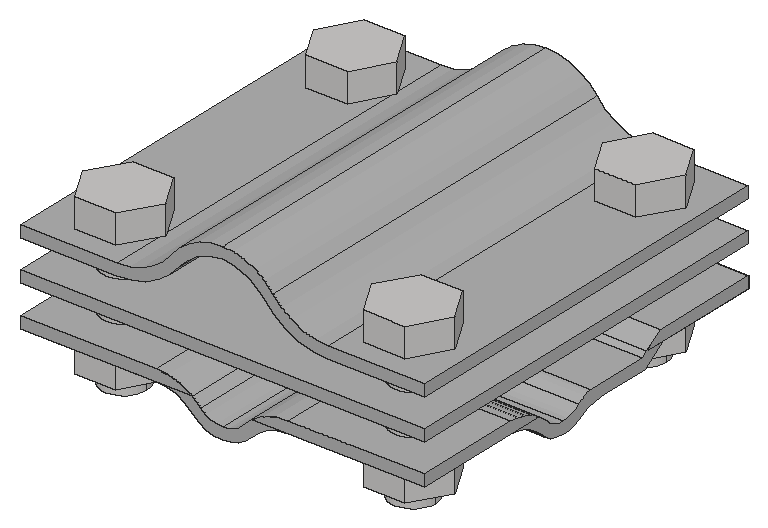
Revit family "DF_ЗажимЗаземлпения_Стержень_Полоса_90530_90540_EZETEK", category Соединительные детали воздуховодов, Revit 2017
Family settings
  Размер круглого соединителя = Использовать радиус
  Тип детали = Крестовина
  На основе рабочей плоскости = Нет
  Всегда вертикально = Да
  При загрузке вырезать с полостями = Нет
  Общий = Нет
Parameters (values of type "ЗажимЗаземлпения_Полоса_Пруток_Оцинкованный_90530")
  Угол = 90.00°  # constant formula
  Тип = FA_ЗажимЗаземлпения_Стержень_Полоса-Пруток_90530_90540_EZETEK : ЗажимЗаземлпения_Стержень_Полоса-Пруток_Оцинкованный_90540
  Описание = "Зажим используются для соединения стержня заземления с прутком, либо полосой Т-образным либо параллельным способом. Зажим стягивается при помощи четырех шестигранных болтов с гайками с резьбой М8."  # constant formula
  Производитель_Контакты = "ezetek@ezetek.ru"  # constant formula
  built-in parameter 1114242 [instance] = 1 = 0  # (empty or 0)
  Изготовитель = "Ezetek"  # constant formula
  Группа модели = "Зажимы заземления"  # constant formula
  URL = "https://ezetek.ru/"
  R4 [instance] = 5 mm
  R3 [instance] = 5 mm
  R2 [instance] = 5 mm
  R1 [instance] = 5 mm
  H2 [instance] = 4 mm
  B2 [instance] = 25 mm
  B1 [instance] = 25 mm
  ADSK_Этаж [instance] = ""
  ADSK_Размер_Ширина [instance] = B1  # 25 mm
  ADSK_Размер_Радиус [instance] = R1  # 5 mm
  ADSK_Размер_Высота [instance] = H1  # 4 mm
  ADSK_Примечание [instance] = "Неспецифицируемое"  # constant formula
  ADSK_Позиция [instance] = "Неспецифицируемое"  # constant formula
  ADSK_Обозначение = "Неспецифицируемое"  # constant formula
  ADSK_Наименование краткое [instance] = "Неспецифицируемое"  # constant formula
  ADSK_Наименование = "Неспецифицируемое"  # constant formula
  ADSK_Материал = BIMLIB_Сталь_Оцинкованная_EZETEK
  ADSK_Масса_Текст = "Неспецифицируемое"  # constant formula
  ADSK_Масса = 0  # constant formula
  ADSK_Марка = "Неспецифицируемое"  # constant formula
  ADSK_Количество = 0  # constant formula
  ADSK_Код изделия = "Неспецифицируемое"  # constant formula
  ADSK_Завод-изготовитель = "Неспецифицируемое"  # constant formula
  ADSK_Единица измерения = "Неспецифицируемое"  # constant formula
  ADSK_Группирование [instance] = ""
  ADSK_Версия Revit = "2017"  # constant formula
  H1 [instance] = 4 mm
Types (2, lengths in mm): name | Тип | ADSK_Материал
  ЗажимЗаземлпения_Полоса_Пруток_Оцинкованный_90530 | FA_ЗажимЗаземлпения_Стержень_Полоса-Пруток_90530_90540_EZETEK : ЗажимЗаземлпения_Стержень_Полоса-Пруток_Оцинкованный_90540 | BIMLIB_Сталь_Оцинкованная_EZETEK
  ЗажимЗаземлпения_Стержень_Полоса_Оцинкованный_90540 | FA_ЗажимЗаземлпения_Стержень_Полоса-Пруток_90530_90540_EZETEK : ЗажимЗаземлпения_Стержень_Полоса-Пруток_Латунь_90530 | BIMLIB_Латунь_EZETEK
Reference planes
  plane 1 "По центру (Вперед/Назад)": y = 0
  plane 2: z = 0
  plane 3 "По центру (Влево/Вправо)": x = 0
  plane 4 "Н_С": z = -5
  plane 5: x = -1
  plane 6: x = 1
  plane 7: y = 1
  plane 8: y = -1
  plane 9 "В_С": z = 5
  plane 10 "В_Л": z = 5
  plane 11 "Н_Л": z = -5
Lines and regions (mm)
  reference lines
    curve 1: line (-1, 0, 5) -> (1, 0, 5)
    curve 2: line (0, -1, 5) -> (0, 1, 5)
    curve 3: line (-1, 0, -5) -> (1, 0, -5)
    curve 4: line (0, -1, -5) -> (0, 1, -5)
Dimensions and locks
  locked: plane 5 to plane 3 "По центру (Влево/Вправо)" at 1
  locked: plane 3 "По центру (Влево/Вправо)" to plane 6 at 1
  locked: plane 1 "По центру (Вперед/Назад)" to plane 7 at 1
  locked: plane 1 "По центру (Вперед/Назад)" to plane 8 at 1
  locked: plane 2 to plane 9 "В_С" at 5
  locked: plane 11 "Н_Л" to plane 2 at 5
  locked: plane 10 "В_Л" to plane 2 at 5
  locked: plane 2 to plane 4 "Н_С" at 5
  aligned and locked: level to plane 2
Nested families
  nested 1: "FA_ЗажимЗаземлпения_Стержень_Полоса-Пруток_90530_90540_EZETEK" at (0, 0, 0) x (-1, 0, 0) z (0, 0, 1), type <- "Тип", ADSK_Этаж <- "ADSK_Этаж", ADSK_Группирование <- "ADSK_Группирование", type "ЗажимЗаземлпения_Стержень_Полоса-Пруток_Оцинкованный_90540", detail levels fine
    with ADSK_Этаж "", ADSK_Примечание "", ADSK_Позиция "", ADSK_Наименование краткое "Зажим заземления", ADSK_Группирование ""
Connectors
  hvac at (0, 1, -5), driven by "R2"
    settings: on curve 4, index 1, duct flow 0.0 L/s, flow factor 0, pres drop 0.0 Pa, loss coef 0, conn angle 0.00°, conn width 304.8 mm, conn height 5 mm, conn diameter 10 mm, duct sys type 1, conn prof type 0, flow config 0, flow direction 0, loss method 0, conn ref index 2, conn util no, is conn primary yes, conn desc ""
  hvac at (0, -1, -5), driven by "R2"
    settings: on curve 4, index 2, duct flow 0.0 L/s, flow factor 0, pres drop 0.0 Pa, loss coef 0, conn angle 0.00°, conn width 304.8 mm, conn height 5 mm, conn diameter 10 mm, duct sys type 1, conn prof type 0, flow config 0, flow direction 0, loss method 0, conn ref index 1, conn util no, is conn primary no, conn desc ""
  hvac at (0, -1, 5), driven by "R1"
    settings: on curve 2, index 3, duct flow 0.0 L/s, flow factor 0, pres drop 0.0 Pa, loss coef 0, conn angle 0.00°, conn width 304.8 mm, conn height 304.8 mm, conn diameter 10 mm, duct sys type 1, conn prof type 0, flow config 0, flow direction 0, loss method 0, conn ref index 4, conn util no, is conn primary no, conn desc ""
  hvac at (0, 1, 5), driven by "R1"
    settings: on curve 2, index 4, duct flow 0.0 L/s, flow factor 0, pres drop 0.0 Pa, loss coef 0, conn angle 0.00°, conn width 304.8 mm, conn height 304.8 mm, conn diameter 10 mm, duct sys type 1, conn prof type 0, flow config 0, flow direction 0, loss method 0, conn ref index 3, conn util no, is conn primary no, conn desc ""
  hvac at (-1, 0, -5), driven by "H2", driven by "B2"
    settings: on curve 3, index 7, duct flow 0.0 L/s, flow factor 0, pres drop 0.0 Pa, loss coef 0, conn angle 0.00°, conn width 25 mm, conn height 4 mm, conn diameter 609.6 mm, duct sys type 1, conn prof type 1, flow config 0, flow direction 0, loss method 0, conn ref index 8, conn util no, is conn primary no, conn desc ""
  hvac at (1, 0, -5), driven by "H2", driven by "B2"
    settings: on curve 3, index 8, duct flow 0.0 L/s, flow factor 0, pres drop 0.0 Pa, loss coef 0, conn angle 0.00°, conn width 25 mm, conn height 4 mm, conn diameter 609.6 mm, duct sys type 1, conn prof type 1, flow config 0, flow direction 0, loss method 0, conn ref index 7, conn util no, is conn primary no, conn desc ""
Definition of nested family "FA_ЗажимЗаземлпения_Стержень_Полоса-Пруток_90530_90540_EZETEK"
  Parameters (values of type "ЗажимЗаземлпения_Стержень_Полоса-Пруток_Латунь_90530")
    Угол = 90.00°  # constant formula
    Производитель_Контакты = "ezetek@ezetek.ru"  # constant formula
    Description = "Зажим используются для соединения стержня заземления с прутком, либо полосой Т-образным либо параллельным способом. Зажим стягивается при помощи четырех шестигранных болтов с гайками с резьбой М8. Болты и гайки для латунного зажима заземления выполнены из нержавеющей стали. Наличие разделительной пластины позволяет соединять при помощи зажима электрохимически слабосовместимые металлы."
    Manufacturer = "Ezetek"  # constant formula
    Model = "Зажимы заземления"  # constant formula
    URL = "https://ezetek.ru/"
    ADSK_Этаж [instance] = ""
    ADSK_Примечание [instance] = ""
    ADSK_Позиция [instance] = ""
    ADSK_Обозначение = "90530"
    ADSK_Наименование краткое [instance] = "Зажим заземления"
    ADSK_Наименование = "Зажим заземления стержень — полоса/пруток крестообразный, латунь"
    ADSK_Материал = none
    ADSK_Масса_Текст = "0.317"
    ADSK_Масса = 0.317
    ADSK_Марка = "90530"
    ADSK_Количество = 1  # constant formula
    ADSK_Код изделия = "90530"
    ADSK_Завод-изготовитель = "Ezetek"  # constant formula
    ADSK_Единица измерения = "шт."  # constant formula
    ADSK_Группирование [instance] = ""
    ADSK_Версия Revit = "2017"  # constant formula
  Types (2, lengths in mm): name | Description | ADSK_Обозначение | ADSK_Наименование | ADSK_Масса_Текст | ADSK_Масса | ADSK_Марка | ADSK_Код изделия
    ЗажимЗаземлпения_Стержень_Полоса-Пруток_Латунь_90530 | "Зажим используются для соединения стержня заземления с прутком, либо полосой Т-образным либо параллельным способом. Зажим стягивается при помощи четырех шестигранных болтов с гайками с резьбой М8. Болты и гайки для латунного зажима заземления выполнены из нержавеющей стали. Наличие разделительной пластины позволяет соединять при помощи зажима электрохимически слабосовместимые металлы." | "90530" | "Зажим заземления стержень — полоса/пруток крестообразный, латунь" | "0.317" | 0.317 | "90530" | "90530"
    ЗажимЗаземлпения_Стержень_Полоса-Пруток_Оцинкованный_90540 | "Зажим выполнен из оцинкованной стали и используется для соединения стержня заземления с прутком, либо полосой Т-образным либо параллельным способом. Зажим стягивается при помощи четырех шестигранных болтов с гайками с резьбой М8." | "90540" | "Зажим заземления стержень — полоса/пруток крестообразный, оцинк." | "0.3" | 0.3 | "90540" | "90540"
  Reference planes
    plane 1 "По центру (Вперед/Назад)": y = 0
    plane 2: z = 0
    plane 3 "По центру (Влево/Вправо)": x = 0
    plane 4: z = 1
    plane 5: z = -1
    plane 6: z = 8
    plane 7 "Up": z = 6
    plane 8: z = -6
    plane 9: z = -8
    plane 10: z = 13
    plane 11: z = -14.4
    plane 12: z = -17.11
    plane 13: z = 7
    plane 14: z = -7
    plane 15 "M": y = 0
    plane 16 "U": z = 9.5
    plane 17 "L": z = -9.5
    plane 18: z = -9.5
    plane 19: x = 0
    plane 20: x = -35
    plane 21: y = 35
    plane 22: y = -35
    plane 23: x = 35
  Forms (mm)
    Extrusion 1, solid, material <- "ADSK_Материал", detail levels fine
      sketch origin (0, 0, 0) x (1, 0, 0) y (0, 1, 0)
        loop
          line (-35, 35) -> (-35, -35) -> (35, -35) -> (35, 35) -> (-35, 35)
      from 1 to -1
    Blend 2, solid, material <- "ADSK_Материал", detail levels fine
      base sketch origin (0, 0, 0) x (1, 0, 0) y (0, 0, 1)
        loop
          line (-35, 8) -> (-35, 6) -> (-18.273, 6)
          arc (-18.273, 6) -> (-12.065, 7.446) -> (-7.135, 11.486) r 14.05
          arc (-7.135, 11.486) -> (-3.977, 14.074) -> (0, 15) r 9
          arc (0, 15) -> (3.977, 14.074) -> (7.135, 11.486) r 9
          arc (7.135, 11.486) -> (12.065, 7.446) -> (18.273, 6) r 14.05
          line (18.273, 6) -> (35, 6) -> (35, 8) -> (18.275, 8)
          arc (18.275, 8) -> (12.95, 9.24) -> (8.72, 12.706) r 12.055
          arc (8.72, 12.706) -> (4.86, 15.868) -> (0, 17) r 11
          arc (0, 17) -> (-4.86, 15.868) -> (-8.72, 12.706) r 11
          arc (-8.72, 12.706) -> (-12.95, 9.24) -> (-18.275, 8) r 12.055
          line (-18.275, 8) -> (-35, 8)
      top sketch origin (0, 0, 0) x (1, 0, 0) y (0, 0, 1)
        loop
          arc (0, 17) -> (-4.86, 15.868) -> (-8.72, 12.706) r 11
          arc (-8.72, 12.706) -> (-12.95, 9.24) -> (-18.275, 8) r 12.055
          line (-18.275, 8) -> (-35, 8) -> (-35, 6) -> (-18.273, 6)
          arc (-18.273, 6) -> (-12.065, 7.446) -> (-7.135, 11.486) r 14.05
          arc (-7.135, 11.486) -> (-3.977, 14.074) -> (0, 15) r 9
          arc (0, 15) -> (3.977, 14.074) -> (7.135, 11.486) r 9
          arc (7.135, 11.486) -> (12.065, 7.446) -> (18.273, 6) r 14.05
          line (18.273, 6) -> (35, 6) -> (35, 8) -> (18.275, 8)
          arc (18.275, 8) -> (12.95, 9.24) -> (8.72, 12.706) r 12.055
          arc (8.72, 12.706) -> (4.86, 15.868) -> (0, 17) r 11
      from 35 to -35
    Extrusion 3, solid, detail levels fine
      sketch origin (11, -25, 0) x (1, 0, 0) y (0, 1, 0)
        loop
          line (-39.603, 6.24) -> (-43.205, 0) -> (-39.603, -6.24) -> (-32.397, -6.24) -> (-28.795, 0) -> (-32.397, 6.24) -> (-39.603, 6.24)
      from 13 to 8
    Extrusion 4, solid, detail levels fine
      sketch origin (11, -25, 0) x (1, 0, 0) y (0, 1, 0)
        loop
          line (-39.603, 6.24) -> (-43.205, 0) -> (-39.603, -6.24) -> (-32.397, -6.24) -> (-28.795, 0) -> (-32.397, 6.24) -> (-39.603, 6.24)
      from -8 to -14.4
    Extrusion 5, solid, detail levels fine
      sketch origin (11, -25, 0) x (1, 0, 0) y (0, 1, 0)
        loop
          circle (-36, 0) r 3.9
      from 8 to -17.11
    Extrusion 6, solid, detail levels fine
      sketch origin (-11, -25, 0) x (-1, 0, 0) y (0, -1, 0)
        loop
          line (-39.603, -6.24) -> (-32.397, -6.24) -> (-28.795, 0) -> (-32.397, 6.24) -> (-39.603, 6.24) -> (-43.205, 0) -> (-39.603, -6.24)
      from 13 to 8
    Extrusion 7, solid, detail levels fine
      sketch origin (-11, -25, 0) x (-1, 0, 0) y (0, -1, 0)
        loop
          line (-39.603, -6.24) -> (-32.397, -6.24) -> (-28.795, 0) -> (-32.397, 6.24) -> (-39.603, 6.24) -> (-43.205, 0) -> (-39.603, -6.24)
      from -8 to -14.4
    Extrusion 8, solid, detail levels fine
      sketch origin (-11, -25, 0) x (-1, 0, 0) y (0, -1, 0)
        loop
          circle (-36, 0) r 3.9
      from 8 to -17.11
    Extrusion 9, solid, detail levels fine
      sketch origin (11, 25, 0) x (1, 0, 0) y (0, 1, 0)
        loop
          line (-39.603, -6.24) -> (-32.397, -6.24) -> (-28.795, 0) -> (-32.397, 6.24) -> (-39.603, 6.24) -> (-43.205, 0) -> (-39.603, -6.24)
      from 13 to 8
    Extrusion 10, solid, detail levels fine
      sketch origin (11, 25, 0) x (1, 0, 0) y (0, 1, 0)
        loop
          circle (-36, 0) r 3.9
      from 8 to -17.11
    Extrusion 11, solid, detail levels fine
      sketch origin (-11, 25, 0) x (-1, 0, 0) y (0, -1, 0)
        loop
          line (-39.603, 6.24) -> (-43.205, 0) -> (-39.603, -6.24) -> (-32.397, -6.24) -> (-28.795, 0) -> (-32.397, 6.24) -> (-39.603, 6.24)
      from 13 to 8
    Extrusion 12, solid, detail levels fine
      sketch origin (-11, 25, 0) x (-1, 0, 0) y (0, -1, 0)
        loop
          circle (-36, 0) r 3.9
      from 8 to -17.11
    Blend 13, solid, material <- "ADSK_Материал", detail levels fine
      base sketch origin (0, 0, 0) x (1, 0, 0) y (0, 0, 1)
        loop
          line (-35, -8) -> (-11.386, -8)
          arc (-11.386, -8) -> (-7.983, -8.714) -> (-5.154, -10.737) r 8.465
          arc (-5.154, -10.737) -> (-2.814, -12.409) -> (0, -13) r 7
          arc (0, -13) -> (2.814, -12.409) -> (5.154, -10.737) r 7
          arc (5.154, -10.737) -> (7.983, -8.714) -> (11.386, -8) r 8.465
          line (11.386, -8) -> (35, -8) -> (35, -6) -> (11.375, -6)
          arc (11.375, -6) -> (7.174, -6.882) -> (3.684, -9.381) r 10.439
          arc (3.684, -9.381) -> (2.012, -10.577) -> (0, -11) r 5
          arc (0, -11) -> (-2.012, -10.577) -> (-3.684, -9.381) r 5
          arc (-3.684, -9.381) -> (-7.174, -6.882) -> (-11.375, -6) r 10.439
          line (-11.375, -6) -> (-35, -6) -> (-35, -8)
      top sketch origin (0, 0, 0) x (1, 0, 0) y (0, 0, 1)
        loop
          arc (0, -11) -> (-2.012, -10.577) -> (-3.684, -9.381) r 5
          arc (-3.684, -9.381) -> (-7.174, -6.882) -> (-11.375, -6) r 10.439
          line (-11.375, -6) -> (-35, -6) -> (-35, -8) -> (-11.386, -8)
          arc (-11.386, -8) -> (-7.983, -8.714) -> (-5.154, -10.737) r 8.465
          arc (-5.154, -10.737) -> (-2.814, -12.409) -> (0, -13) r 7
          arc (0, -13) -> (2.814, -12.409) -> (5.154, -10.737) r 7
          arc (5.154, -10.737) -> (7.983, -8.714) -> (11.386, -8) r 8.465
          line (11.386, -8) -> (35, -8) -> (35, -6) -> (11.375, -6)
          arc (11.375, -6) -> (7.174, -6.882) -> (3.684, -9.381) r 10.439
          arc (3.684, -9.381) -> (2.012, -10.577) -> (0, -11) r 5
      from 35 to -35
    Extrusion 14, solid, detail levels fine
      sketch origin (11, 25, 0) x (1, 0, 0) y (0, 1, 0)
        loop
          line (-39.603, -6.24) -> (-32.397, -6.24) -> (-28.795, 0) -> (-32.397, 6.24) -> (-39.603, 6.24) -> (-43.205, 0) -> (-39.603, -6.24)
      from -8 to -14.4
    Extrusion 15, solid, detail levels fine
      sketch origin (-11, 25, 0) x (-1, 0, 0) y (0, -1, 0)
        loop
          line (-39.603, 6.24) -> (-43.205, 0) -> (-39.603, -6.24) -> (-32.397, -6.24) -> (-28.795, 0) -> (-32.397, 6.24) -> (-39.603, 6.24)
      from -8 to -14.4
    Blend 16, solid, material <- "ADSK_Материал", detail levels fine
      base sketch origin (0, 0, 0) x (1, 0, 0) y (0, 0, 1)
        loop
          line (-35, -8) -> (-11.386, -8)
          arc (-11.386, -8) -> (-7.983, -8.714) -> (-5.154, -10.737) r 8.465
          arc (-5.154, -10.737) -> (-2.814, -12.409) -> (0, -13) r 7
          arc (0, -13) -> (2.814, -12.409) -> (5.154, -10.737) r 7
          arc (5.154, -10.737) -> (7.983, -8.714) -> (11.386, -8) r 8.465
          line (11.386, -8) -> (35, -8) -> (35, -6) -> (11.375, -6)
          arc (11.375, -6) -> (7.174, -6.882) -> (3.684, -9.381) r 10.439
          arc (3.684, -9.381) -> (2.012, -10.577) -> (0, -11) r 5
          arc (0, -11) -> (-2.012, -10.577) -> (-3.684, -9.381) r 5
          arc (-3.684, -9.381) -> (-7.174, -6.882) -> (-11.375, -6) r 10.439
          line (-11.375, -6) -> (-35, -6) -> (-35, -8)
      top sketch origin (0, 0, 0) x (1, 0, 0) y (0, 0, 1)
        loop
          arc (0, -11) -> (-2.012, -10.577) -> (-3.684, -9.381) r 5
          arc (-3.684, -9.381) -> (-7.174, -6.882) -> (-11.375, -6) r 10.439
          line (-11.375, -6) -> (-35, -6) -> (-35, -8) -> (-11.386, -8)
          arc (-11.386, -8) -> (-7.983, -8.714) -> (-5.154, -10.737) r 8.465
          arc (-5.154, -10.737) -> (-2.814, -12.409) -> (0, -13) r 7
          arc (0, -13) -> (2.814, -12.409) -> (5.154, -10.737) r 7
          arc (5.154, -10.737) -> (7.983, -8.714) -> (11.386, -8) r 8.465
          line (11.386, -8) -> (35, -8) -> (35, -6) -> (11.375, -6)
          arc (11.375, -6) -> (7.174, -6.882) -> (3.684, -9.381) r 10.439
          arc (3.684, -9.381) -> (2.012, -10.577) -> (0, -11) r 5
      from 35 to -35
    Blend 17, solid, material <- "ADSK_Материал", detail levels fine
      base sketch origin (0, 0, 0) x (0, -1, 0) y (0, 0, 1)
        loop
          line (-35, -8) -> (-16.386, -8)
          arc (-16.386, -8) -> (-12.983, -8.714) -> (-10.154, -10.737) r 8.465
          arc (-10.154, -10.737) -> (-7.814, -12.409) -> (-5, -13) r 7
          arc (-5, -13) -> (-3.282, -12.786) -> (-1.67, -12.157) r 7
          arc (-1.67, -12.157) -> (1.047, -11.097) -> (3.941, -10.737) r 11.792
          line (3.941, -10.737) -> (12.669, -10.737) -> (16.578, -8) -> (35, -8) -> (35, -6) -> (16, -6) -> (12.091, -8.737) -> (0.991, -8.737)
          arc (0.991, -8.737) -> (-0.444, -8.999) -> (-1.694, -9.751) r 4.061
          arc (-1.694, -9.751) -> (-3.233, -10.677) -> (-5, -11) r 5
          arc (-5, -11) -> (-7.012, -10.577) -> (-8.684, -9.381) r 5
          arc (-8.684, -9.381) -> (-12.174, -6.882) -> (-16.375, -6) r 10.439
          line (-16.375, -6) -> (-35, -6) -> (-35, -8)
      top sketch origin (0, 0, 0) x (0, -1, 0) y (0, 0, 1)
        loop
          arc (-10.154, -10.737) -> (-7.814, -12.409) -> (-5, -13) r 7
          arc (-5, -13) -> (-3.282, -12.786) -> (-1.67, -12.157) r 7
          arc (-1.67, -12.157) -> (1.047, -11.097) -> (3.941, -10.737) r 11.792
          line (3.941, -10.737) -> (12.669, -10.737) -> (16.578, -8) -> (35, -8) -> (35, -6) -> (16, -6) -> (12.091, -8.737) -> (0.991, -8.737)
          arc (0.991, -8.737) -> (-0.444, -8.999) -> (-1.694, -9.751) r 4.061
          arc (-1.694, -9.751) -> (-3.233, -10.677) -> (-5, -11) r 5
          arc (-5, -11) -> (-7.012, -10.577) -> (-8.684, -9.381) r 5
          arc (-8.684, -9.381) -> (-12.174, -6.882) -> (-16.375, -6) r 10.439
          line (-16.375, -6) -> (-35, -6) -> (-35, -8) -> (-16.386, -8)
          arc (-16.386, -8) -> (-12.983, -8.714) -> (-10.154, -10.737) r 8.465
      from 35 to -35
    Extrusion 18, void
      sketch origin (0, 0, 0) x (1, 0, 0) y (0, 0, 1)
        loop
          arc (-11.375, -6) -> (-7.174, -6.882) -> (-3.684, -9.381) r 10.439
          arc (-3.684, -9.381) -> (-2.012, -10.577) -> (0, -11) r 5
          arc (0, -11) -> (2.012, -10.577) -> (3.684, -9.381) r 5
          arc (3.684, -9.381) -> (7.174, -6.882) -> (11.375, -6) r 10.439
          line (11.375, -6) -> (-11.375, -6)
      from 0 to -35
    Extrusion 19, void
      sketch origin (0, 0, 0) x (1, 0, 0) y (0, 0, -1)
        loop
          line (-11.375, 6) -> (11.375, 6)
          arc (11.375, 6) -> (7.174, 6.882) -> (3.684, 9.381) r 10.439
          arc (3.684, 9.381) -> (2.012, 10.577) -> (0, 11) r 5
          arc (0, 11) -> (-2.012, 10.577) -> (-3.684, 9.381) r 5
          arc (-3.684, 9.381) -> (-7.174, 6.882) -> (-11.375, 6) r 10.439
      from 0 to -35
    Extrusion 20, void
      sketch origin (0, 0, 0) x (0, 1, 0) y (0, 0, 1)
        loop
          line (16.375, -6) -> (-16, -6) -> (-13.144, -8) -> (10.23, -8)
          arc (10.23, -8) -> (13.144, -6.513) -> (16.375, -6) r 10.439
      from 35 to -35
  Cuts and joins
    Extrusion 18, Extrusion 19, Extrusion 20 cuts Blend 16
    Extrusion 18, Extrusion 19, Extrusion 20 cuts Blend 13
    Extrusion 18, Extrusion 19, Extrusion 20 cuts Blend 17
  Dimensions and locks
    locked: plane 2 to plane 5 at 1
    locked: plane 4 to plane 2 at 1
    plane 4 to plane 5 = 2 mm
    locked: plane 6 to plane 7 "Up" at 2
    locked: plane 8 to plane 9 at 2
    locked: plane 10 to plane 6 at 5
    locked: plane 7 "Up" to plane 4 at 5
    locked: plane 5 to plane 8 at 5
    locked: plane 9 to plane 11 at 6.4
    locked: plane 11 to plane 12 at 2.71
    equal spacing: plane 6, plane 13, plane 7 "Up"
    equal spacing: plane 8, plane 14, plane 9
    plane 20 to plane 3 "По центру (Влево/Вправо)" = 35 mm
    locked: plane 15 "M" to plane 21 at 35
    locked: plane 1 "По центру (Вперед/Назад)" to plane 22 at 35
    plane 23 to plane 3 "По центру (Влево/Вправо)" = 35 mm
    aligned and locked: level to plane 2
    aligned and locked: Extrusion 1 sketch curve to plane 20
    aligned and locked: plane 21 to Blend 2
    aligned and locked: plane 22 to Blend 2
    aligned and locked: plane 21 to Extrusion 1
    aligned and locked: plane 22 to Extrusion 1
    aligned and locked: Extrusion 1 to Extrusion 18
    aligned and locked: Extrusion 19 to Extrusion 1
  Automatic sketch dimensions
    plane 22 to Extrusion 1 sketch curve = 0 mm
    Extrusion 1 sketch curve to plane 23 = 0 mm
    Extrusion 1 sketch curve to plane 21 = 0 mm
    Extrusion 3 sketch curve to plane 20 = 2.795 mm
    Extrusion 3 sketch curve to plane 20 = 6.397 mm  (x2)
    Extrusion 3 sketch curve to plane 22 = 3.76 mm
    Extrusion 3 sketch curve to Extrusion 3 sketch curve = 7.205 mm  (x2)
    Extrusion 3 sketch curve to Extrusion 3 sketch curve = 3.603 mm
    Extrusion 3 sketch curve to Extrusion 3 sketch curve = 6.24 mm  (x3)
    Extrusion 4 sketch curve to plane 20 = 2.795 mm
    Extrusion 4 sketch curve to plane 20 = 6.397 mm  (x2)
    Extrusion 4 sketch curve to plane 22 = 3.76 mm
    Extrusion 4 sketch curve to Extrusion 4 sketch curve = 7.205 mm  (x2)
    Extrusion 4 sketch curve to Extrusion 4 sketch curve = 3.603 mm
    Extrusion 4 sketch curve to Extrusion 4 sketch curve = 6.24 mm  (x3)
    Extrusion 5 sketch curve to plane 20 = 10 mm
    Extrusion 5 sketch curve to plane 22 = 10 mm
    plane 23 to Extrusion 6 sketch curve = 2.795 mm
    plane 23 to Extrusion 6 sketch curve = 6.397 mm  (x2)
    plane 22 to Extrusion 6 sketch curve = 3.76 mm
    Extrusion 6 sketch curve to Extrusion 6 sketch curve = 7.205 mm  (x2)
    Extrusion 6 sketch curve to Extrusion 6 sketch curve = 3.603 mm
    Extrusion 6 sketch curve to Extrusion 6 sketch curve = 6.24 mm  (x3)
    plane 23 to Extrusion 7 sketch curve = 2.795 mm
    plane 23 to Extrusion 7 sketch curve = 6.397 mm  (x2)
    plane 22 to Extrusion 7 sketch curve = 3.76 mm
    Extrusion 7 sketch curve to Extrusion 7 sketch curve = 7.205 mm  (x2)
    Extrusion 7 sketch curve to Extrusion 7 sketch curve = 3.603 mm
    Extrusion 7 sketch curve to Extrusion 7 sketch curve = 6.24 mm  (x3)
    plane 23 to Extrusion 8 sketch curve = 10 mm
    plane 22 to Extrusion 8 sketch curve = 10 mm
    plane 20 to Extrusion 9 sketch curve = 2.795 mm
    plane 20 to Extrusion 9 sketch curve = 6.397 mm  (x2)
    plane 21 to Extrusion 9 sketch curve = 3.76 mm
    Extrusion 9 sketch curve to Extrusion 9 sketch curve = 7.205 mm  (x2)
    Extrusion 9 sketch curve to Extrusion 9 sketch curve = 3.603 mm
    Extrusion 9 sketch curve to Extrusion 9 sketch curve = 6.24 mm  (x3)
    plane 20 to Extrusion 10 sketch curve = 10 mm
    plane 21 to Extrusion 10 sketch curve = 10 mm
    Extrusion 11 sketch curve to plane 23 = 2.795 mm
    Extrusion 11 sketch curve to plane 23 = 6.397 mm  (x2)
    Extrusion 11 sketch curve to plane 21 = 3.76 mm
    Extrusion 11 sketch curve to Extrusion 11 sketch curve = 7.205 mm  (x2)
    Extrusion 11 sketch curve to Extrusion 11 sketch curve = 3.603 mm
    Extrusion 11 sketch curve to Extrusion 11 sketch curve = 6.24 mm  (x3)
    Extrusion 12 sketch curve to plane 23 = 10 mm
    Extrusion 12 sketch curve to plane 21 = 10 mm
    Blend 13 sketch curve to Blend 13 sketch curve = 0 mm  (x28)
    Blend 13 sketch curve to plane 8 = 0 mm  (x6)
    plane 20 to Blend 13 sketch curve = 0 mm  (x2)
    Blend 13 sketch curve to plane 9 = 0 mm  (x4)
    Blend 13 sketch curve to plane 3 "По центру (Влево/Вправо)" = 0 mm  (x2)
    Blend 13 sketch curve to plane 23 = 0 mm  (x2)
    Blend 13 sketch curve to plane 3 "По центру (Влево/Вправо)" = 11.386 mm  (x2)
    Blend 13 sketch curve to Blend 13 sketch curve = 0.011 mm  (x4)
    plane 12 to Blend 13 sketch curve = 0.671 mm  (x4)
    plane 3 "По центру (Влево/Вправо)" to Blend 13 sketch curve = 11.375 mm  (x2)
    Blend 13 sketch curve to Blend 13 sketch curve = 0.026 mm  (x4)
    plane 20 to Extrusion 14 sketch curve = 2.795 mm
    plane 20 to Extrusion 14 sketch curve = 6.397 mm  (x2)
    plane 21 to Extrusion 14 sketch curve = 3.76 mm
    Extrusion 14 sketch curve to Extrusion 14 sketch curve = 7.205 mm  (x2)
    Extrusion 14 sketch curve to Extrusion 14 sketch curve = 3.603 mm
    Extrusion 14 sketch curve to Extrusion 14 sketch curve = 6.24 mm  (x3)
    Extrusion 15 sketch curve to plane 23 = 2.795 mm
    Extrusion 15 sketch curve to plane 23 = 6.397 mm  (x2)
    Extrusion 15 sketch curve to plane 21 = 3.76 mm
    Extrusion 15 sketch curve to Extrusion 15 sketch curve = 7.205 mm  (x2)
    Extrusion 15 sketch curve to Extrusion 15 sketch curve = 3.603 mm
    Extrusion 15 sketch curve to Extrusion 15 sketch curve = 6.24 mm  (x3)
    Blend 16 sketch curve to Blend 16 sketch curve = 0 mm  (x28)
    Blend 16 sketch curve to plane 8 = 0 mm  (x6)
    plane 20 to Blend 16 sketch curve = 0 mm  (x2)
    Blend 16 sketch curve to plane 9 = 0 mm  (x4)
    Blend 16 sketch curve to plane 3 "По центру (Влево/Вправо)" = 0 mm  (x2)
    Blend 16 sketch curve to plane 23 = 0 mm  (x2)
    Blend 16 sketch curve to plane 3 "По центру (Влево/Вправо)" = 11.386 mm  (x2)
    Blend 16 sketch curve to Blend 16 sketch curve = 0.011 mm  (x4)
    plane 12 to Blend 16 sketch curve = 0.671 mm  (x4)
    plane 3 "По центру (Влево/Вправо)" to Blend 16 sketch curve = 11.375 mm  (x2)
    Blend 16 sketch curve to Blend 16 sketch curve = 0.026 mm  (x4)
    Blend 17 sketch curve to Blend 17 sketch curve = 0 mm  (x28)
    Blend 17 sketch curve to plane 8 = 0 mm  (x6)
    Blend 17 sketch curve to plane 21 = 0 mm  (x2)
    Blend 17 sketch curve to plane 9 = 0 mm  (x4)
    Blend 17 sketch curve to plane 22 = 0 mm  (x2)
    plane 12 to Blend 17 sketch curve = 0.645 mm
    Blend 17 sketch curve to plane 1 "По центру (Вперед/Назад)" = 16.386 mm  (x2)
    Blend 17 sketch curve to Blend 17 sketch curve = 0.011 mm  (x2)
    Blend 17 sketch curve to plane 1 "По центру (Вперед/Назад)" = 5 mm  (x2)
    plane 1 "По центру (Вперед/Назад)" to Blend 17 sketch curve = 0.991 mm  (x2)
    Blend 17 sketch curve to plane 17 "L" = 1.237 mm  (x2)
    Blend 17 sketch curve to Blend 17 sketch curve = 2.95 mm  (x2)
    Blend 17 sketch curve to plane 9 = 0.737 mm  (x2)
    Blend 17 sketch curve to Blend 17 sketch curve = 8.151 mm  (x2)
    Blend 17 sketch curve to Blend 17 sketch curve = 0.578 mm  (x4)
    Blend 17 sketch curve to Blend 17 sketch curve = 3.909 mm  (x2)
    Blend 17 sketch curve to plane 12 = 5.419 mm  (x2)
    Blend 17 sketch curve to Blend 17 sketch curve = 0.026 mm  (x2)
    plane 11 to Blend 17 sketch curve = 1.602 mm  (x2)
    plane 12 to Blend 17 sketch curve = 0.671 mm
    Extrusion 18 sketch curve to Extrusion 18 sketch curve = 0 mm  (x3)
    Extrusion 18 sketch curve to plane 8 = 0 mm  (x2)
    Extrusion 18 sketch curve to plane 3 "По центру (Влево/Вправо)" = 0 mm
    Extrusion 18 sketch curve to Extrusion 18 sketch curve = 11.375 mm
    plane 12 to Extrusion 18 sketch curve = 0.671 mm  (x2)
    plane 3 "По центру (Влево/Вправо)" to Extrusion 18 sketch curve = 11.375 mm
    Extrusion 19 sketch curve to Extrusion 19 sketch curve = 0 mm  (x3)
    Extrusion 19 sketch curve to plane 8 = 0 mm  (x2)
    Extrusion 19 sketch curve to plane 3 "По центру (Влево/Вправо)" = 0 mm
    Extrusion 19 sketch curve to Extrusion 19 sketch curve = 11.375 mm
    plane 12 to Extrusion 19 sketch curve = 0.671 mm  (x2)
    plane 3 "По центру (Влево/Вправо)" to Extrusion 19 sketch curve = 11.375 mm
    Extrusion 20 sketch curve to plane 8 = 0 mm
    Extrusion 20 sketch curve to plane 9 = 0 mm
    plane 1 "По центру (Вперед/Назад)" to Extrusion 20 sketch curve = 16 mm
    Extrusion 20 sketch curve to Extrusion 20 sketch curve = 2.856 mm
    Extrusion 20 sketch curve to plane 1 "По центру (Вперед/Назад)" = 10.23 mm
    plane 12 to Extrusion 20 sketch curve = 0.671 mm
    Blend 2 sketch curve to Blend 2 sketch curve = 0 mm  (x28)
    Blend 2 sketch curve to plane 7 "Up" = 0 mm  (x6)
    plane 20 to Blend 2 sketch curve = 0 mm  (x2)
    Blend 2 sketch curve to plane 6 = 0 mm  (x4)
    Blend 2 sketch curve to plane 3 "По центру (Влево/Вправо)" = 0 mm  (x2)
    Blend 2 sketch curve to plane 23 = 0 mm  (x2)
    Blend 2 sketch curve to plane 20 = 16.725 mm  (x2)
    Blend 2 sketch curve to Blend 2 sketch curve = 0.003 mm  (x4)
    plane 10 to Blend 2 sketch curve = 7.05 mm  (x4)
    Blend 2 sketch curve to plane 23 = 16.727 mm  (x2)
    Blend 2 sketch curve to Blend 2 sketch curve = 0.005 mm  (x4)
    radius of Extrusion 5 sketch curve = 3.9 mm
    radius of Extrusion 8 sketch curve = 3.9 mm
    radius of Extrusion 10 sketch curve = 3.9 mm
    radius of Extrusion 12 sketch curve = 3.9 mm
